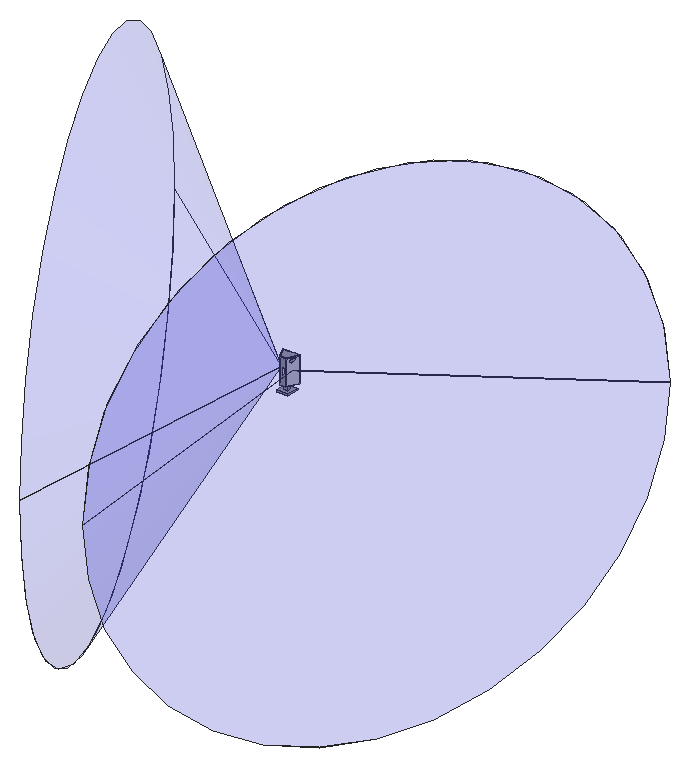
Revit family "IPDC-DSE+", category Communication Devices, Revit 2014
Parameters (values of type "IP Dual Sided LED Display with Flasher")
  Width = 9.91"
  Weight Product = 11
  Warranty = "1 Year"
  Wall Bracket [instance] = not(Ceiling Bracket)  # yes
  Voltage AC = "PoE or PoE+ and External 24VDC"
  Viewable Dimensions (HxW) = 10.125
  Vertical Symmetry = yes
  Transformer Option = yes
  Specification by User (default) = "TBD"
  Speaker Listening Height [instance] = 30.00"
  Speaker Height [instance] = 120.00"
  Speaker Dispersion = 120.00°
  Speaker Cone Visible [instance] = yes
  ScheduleType |RF| = "AtlasIED Master"
  Safety Agency Ratings = "ETL Listed to Comply with UL-60950-1, and CAN/CSA-C22.2 No. 60950-1"
  SPL Max = 93
  Recommended Signal Processing = "Built-In Processing"
  Product Page URL = "https://www.atlasied.com/Product/ProductDetails?productId=3509"
  Product Documentation Link = "https://www.atlasied.com/f/3779/ipdc-dseplus-data-sheet.pdf"
  Power Rating (RMS) = "15 Watts Max (802.3AT)"
  Pole Length [instance] = 4.21"  # constant formula
  Operation Mode = "Self Powered"
  OmniClass Title = "Audio Visual Intercoms"
  OmniClass Number = "23-37 27 15 13"
  Mounting/Rigging Provisions = "Mounting Plate provided with Various Hole Patterns"
  Mount Material = Default
  Model = "IPDC-DSE+"
  Max Input Ratings (8Ω) = "TBD"
  Max Character Height = 2.125
  MaterFormat Title = "Public Information Systems"
  MasterFormat = "27 42 19"
  Market = "Commercial, Higher Education, Emergency"
  Manufacturer URL = "WWW.ATLASIED.COM"
  Manufacturer Phone = "(800) 876 - 3333"
  Manufacturer Email = "support@atlasied.com"
  Manufacturer Address = "4545 E. Baseline Rd., Phoenix, AZ 85042"
  Manufacturer = "ATLAS SOUND"
  Loudspeaker Level = "8Ω, 9W (802.3AF), 15W (802.3AT)"
  Input Connectors = "One Unbalanced Analog, Secured Screw Terminal Block, G.711, G.722 Capable"
  Ingress Protection = "IP-XX (Not provided)"
  Impedance = 8
  IQ Category = "Audio Visual Intercoms"
  Height = 19.74"
  Grill Material = none
  Family Version [instance] = "2017-01"
  Family Code (default) = "LOUD SPEAKERS"
  Enclosure Material = none
  Dispersion Angle = 0.00°
  Description = "POE+ IP COMPLIANT IP DUAL SIDED LED DISPLAY WITH FLASHER: INDOOR DUAL SIDED DISPLAY WITH LED FLASHER"
  Depth = 7.00"
  Default Elevation = 48.00"
  Coverage Vertical = 110.00°
  Coverage Horizontal = 110.00°
  Cost MSRP = 1015.99
  Cost = 1015.99
  Communication Ports = "RJ-45 Female"
  Color = none
  Ceiling Bracket [instance] = no
  Body Material = Default
  Baffle Material = none
  70V Taps = "32.00 W"
  100V Taps = "32.00 W"
Reference planes (in)
  plane 1 "Center (Front/Back)": y = 0
  plane 2: z = 0
  plane 3 "Center (Left/Right)": x = 0
  plane 4: x = -4.955
  plane 5: x = 4.955
  plane 6: x = 3.455
  plane 7: x = -3.455
  plane 8: z = 4.21
  plane 9: y = -15.73
  plane 10: y = -7.865
Lines and regions (in)
  Masking region 1
    outline origin (-1.82508, -15.71144, 48) x (-1, 0, 0) y (0, 0, 1)
      loop
        line (-2.82508, -43.79) -> (-2.82508, -47.07) -> (-0.82508, -47.07) -> (-0.82508, -43.79) -> (-2.82508, -43.79)
  Masking region 2
    outline origin (-1.82508, -15.71144, 48) x (-1, 0, 0) y (0, 0, 1)
      loop
        line (-5.28008, -47.07) -> (-5.28008, -48) -> (1.62992, -48) -> (1.62992, -47.07) -> (-5.28008, -47.07)
Dimensions and locks (in)
  "Width": plane 4 to plane 5
  plane 7 to plane 6 = 6.91"
  "Pole Length": level to plane 8
  equal spacing: plane 9, plane 10, plane 1 "Center (Front/Back)"
  aligned and locked: plane 2 to level
  aligned and locked: level to nested 1
  aligned and locked: nested 2 to plane 8
  aligned and locked: nested 1 to plane 10
  aligned and locked: nested 3 to plane 8
  aligned and locked: nested 3 to plane 3 "Center (Left/Right)"
  aligned and locked: plane 8 to Masking region 1 sketch curve
Automatic sketch dimensions
  plane 3 "Center (Left/Right)" to Masking region 1 sketch curve = 1.00"
  Masking region 1 sketch curve to plane 3 "Center (Left/Right)" = 1.00"
  level to Masking region 1 sketch curve = 0.93"
  Masking region 2 sketch curve to level = 0.00"
  Masking region 2 sketch curve to plane 6 = 0.00"
  Masking region 2 sketch curve to plane 7 = 0.00"
  level to Masking region 2 sketch curve = 0.93"
Nested families (in)
  nested 1: "POLE" at (0, -7.865, 4.21) x (-1, 0, 0) z (0, 0, -1), Ceiling Length <- "Pole Length", type "IP Dual Sided LED Display with Flasher"
    with Ceiling Length 4.21"
  nested 2: "POLE BODY" at (0, -15.73, 10.62) x (1, 0, 0) z (0, 0, -1), Speaker Listening Height <- "Speaker Listening Height", Speaker Height <- "Speaker Height", Speaker Dispersion <- "Speaker Dispersion", Speaker Cone Visible <- "Speaker Cone Visible", visible <- "Ceiling Bracket", type "POLE BODY"
    with Weight Dimensional/Shipping 0, Speaker Listening Height 30.00", Speaker Height 120.00", Speaker Dispersion 120.00°, Speaker Cone Visible yes, Speaker Cone Height -90.00", Radius of Speaker Cone 155.88457", Flasher Type "TBD", Flasher Lumens "TBD", Family Version "1.0"
  nested 3: "POLE BODY" at (0, -11.07, 4.21) x (1, 0, 0) z (0, 1, 0), Speaker Cone Visible <- "Speaker Cone Visible", visible <- "Wall Bracket", Speaker Listening Height <- "Speaker Listening Height", Speaker Height <- "Speaker Height", Speaker Dispersion <- "Speaker Dispersion", type "POLE BODY"
    with Weight Dimensional/Shipping 0, Speaker Listening Height 30.00", Speaker Height 120.00", Speaker Dispersion 120.00°, Speaker Cone Visible yes, Speaker Cone Height -90.00", Radius of Speaker Cone 155.88457", Flasher Type "TBD", Flasher Lumens "TBD", Family Version "1.0"
Definition of nested family "POLE"
  Parameters (values of type "IP Dual Sided LED Display with Flasher")
    Model = "IPDC-DSE+"
    Manufacturer = "ATLAS SOUND"
    Description = "POE+ IP COMPLIANT IP DUAL SIDED LED DISPLAY WITH FLASHER: INDOOR DUAL SIDED DISPLAY WITH LED FLASHER"
    Default Elevation = 48.00"
    Cost = 1015.99
    Ceiling Length [instance] = 4.21"
  Reference planes (in)
    plane 1 "Center (Front/Back)": y = 0
    plane 2: z = 0
    plane 3 "Center (Left/Right)": x = 0
    plane 4: z = 4.21
    plane 5: y = 3.5
    plane 6: y = -3.5
    plane 7: x = 3.455
    plane 8: x = -3.455
    plane 9: y = -1
    plane 10: y = 1
    plane 11: z = 3.28
  Forms (in)
    Extrusion 1, solid, material "Default"
      sketch origin (-0.67926, -2.84135, 4.21) x (0, -1, 0) y (1, 0, 0)
        loop
          line (-6.34135, -2.77574) -> (0.65865, -2.77574) -> (0.65865, 4.13426) -> (-6.34135, 4.13426) -> (-6.34135, -2.77574)
      from 0 to -0.93
    Extrusion 2, solid, material "Default"
      sketch origin (0, 0, 4.21) x (0, -1, 0) y (1, 0, 0)
        loop
          line (-1, 1) -> (-1, -1) -> (1, -1) -> (1, 1) -> (-1, 1)
      from -0.93 to -4.21
  Dimensions and locks (in)
    plane 8 to plane 7 = 6.91"
    plane 6 to plane 5 = 7.00"
    "Ceiling Length": plane 4 to level
    locked: plane 4 to plane 11 at 0.93
    aligned and locked: plane 2 to level
    aligned and locked: plane 11 to Extrusion 2
  Automatic sketch dimensions
    plane 5 to Extrusion 1 sketch curve = 0.00"
    plane 6 to Extrusion 1 sketch curve = 0.00"
    Extrusion 1 sketch curve to plane 8 = 0.00"
    Extrusion 1 sketch curve to plane 7 = 0.00"
    plane 10 to Extrusion 2 sketch curve = 0.00"
    plane 9 to Extrusion 2 sketch curve = 0.00"
    Extrusion 2 sketch curve to plane 3 "Center (Left/Right)" = 1.00"
    plane 3 "Center (Left/Right)" to Extrusion 2 sketch curve = 1.00"
Definition of nested family "POLE BODY"
  Parameters (values of type "POLE BODY")
    Width = 9.91"
    Weight Product = 11
    Weight Dimensional/Shipping [instance] = 0
    Weight Dimensional = 0
    Warranty = "1 Year Warranty"
    Voltage AC = "PoE or PoE+ and External 24VDC"
    Viewable Dimensions (HxW) = 10.125
    Vertical Symmetry = yes
    Transformer Option = yes
    Sustainability Rating = "TBD"
    Specification by User (default) = "TBD"
    Specification by Manufacturer = "TBD"
    Speaker Type = ""
    Speaker Listening Height [instance] = 30.00"
    Speaker Height [instance] = 120.00"
    Speaker Dispersion [instance] = 120.00°
    Speaker Data Link = "TBD"
    Speaker Cone Visible [instance] = no
    Speaker Cone Height [instance] = -(Speaker Height - Speaker Listening Height)  # -90.00"
    Shipping Dimensions = "10.6\" (269mm) x 25.4\" (645mm) x 12.8\" (325mm)"
    Serial Number = "TBD"
    Seismic Rating = "TBD"
    ScheduleType |RF| = "AtlasIED Master"
    Safety Features = "TBD"
    Safety Agency Ratings = "ETL Listed to Comply with UL-60950-1, and CAN/CSA-C22.2 No. 60950-1"
    SPL Max = 93
    Regulatory Compliance = "TBD"
    Recommended Signal Processing = "Built-In Processing"
    Radius of Speaker Cone [instance] = (-Speaker Cone Height) * tan(Speaker Dispersion / 2)  # 155.88457"
    Product Page URL = "https://www.atlasied.com/Product/ProductDetails?productId=3509"
    Product Documentation Link = "https://www.atlasied.com/f/3779/ipdc-dseplus-data-sheet.pdf"
    Power Rating (RMS) = "15 Watts Max (802.3AT)"
    Part Number = "IPDC-DSE+"
    Outdoor/Weather Rating = "TBD"
    Operation Mode = "Self Powered"
    OmniClass Title = "Audio Visual Intercoms"
    OmniClass Number = "23-37 27 15 13"
    Number of Bands = 0
    Mounting/Rigging Provisions = "Mounting Plate provided with Various Hole Patterns"
    Mount Material = Default
    Model = "IPDC-DSE+"
    Max Input Ratings (8Ω) = "TBD"
    Max Character Height = 2.125
    MaterFormat Title = "Public Information Systems"
    MasterFormat = "27 42 19"
    Market = "Commercial, Higher Education, Emergency"
    Manufacturer URL = "WWW.ATLASIED.COM"
    Manufacturer Phone = "(800) 876 - 3333"
    Manufacturer Email = "support@atlasied.com"
    Manufacturer Address = "4545 E. Baseline Rd., Phoenix, AZ 85042"
    Manufacturer = "ATLAS SOUND"
    Loudspeaker Level = "8Ω, 9W (802.3AF), 15W (802.3AT)"
    Input Connectors = "One Unbalanced Analog, Secured Screw Terminal Block, G.711, G.722 Capable"
    Ingress Protection = "IP-XX (Not provided)"
    Impedance = 8
    IQ Category = "Audio Visual Intercoms"
    Horizontal Symmetry = yes
    Height = 19.94"
    Grill Material = none
    Flasher Type [instance] = "TBD"
    Flasher Lumens Rating = "TBD"
    Flasher Lumens [instance] = "TBD"
    Family Version [instance] = "1.0"
    Family Code (default) = "ITS Inc."
    Environmental Testing = "TBD"
    Enclosure Material = none
    Dispersion Angle = 0.00°
    Description = "POE+ IP COMPLIANT IP DUAL SIDED LED DISPLAY WITH FLASHER: INDOOR DUAL SIDED DISPLAY WITH LED FLASHER"
    Depth = 7.00"
    Default Elevation = 48.00"
    Current Draw = 0
    Coverage Vertical = 110.00°
    Coverage Horizontal = 110.00°
    Coverage = "TBD"
    Cost MSRP = 1015.99
    Cost = 1015.99
    Controls = "TBD"
    Communication Ports = "RJ-45 Female"
    Communication Formats = "TBD"
    Color = none
    Body Material = Default
    Baffle Material = none
    Azimuth = 0.00°
    70V Taps = "32.00 W"
    25V Taps = "0.00 W"
    100V Taps = "32.00 W"
  Reference planes (in)
    plane 1 "Center (Front/Back)": y = 0
    plane 2: z = 0
    plane 3 "Center (Left/Right)": x = 0
    plane 4: z = 19.94
    plane 5: x = -4.955
    plane 6: x = 4.955
    plane 7: x = 3.455
    plane 8: x = -3.455
    plane 9: z = 4.21
    plane 10: y = -15.73
    plane 11: z = 6.41
    plane 12: y = -7.80664
  Forms (in)
    Extrusion 1, solid, material "Default" <- "Body Material"
      sketch origin (0, 0, 3.27) x (1, 0, 0) y (0, 0, 1)
        loop
          line (4.955, 3.14) -> (-4.955, 3.14) -> (-1.96597, -3.27) -> (1.96597, -3.27) -> (4.955, 3.14)
      from 0 to 15.5
    Extrusion 2, solid, material "Default" <- "Body Material"
      sketch origin (0, -15.5, 3.27) x (1, 0, 0) y (0, 0, 1)
        loop
          line (1.96597, -3.27) -> (4.955, 3.14) -> (2.03062, 3.14) -> (2.03062, 3.00702) -> (-2.03062, 3.00702) -> (-2.03062, 3.14) -> (-4.955, 3.14) -> (-1.96597, -3.27) -> (1.96597, -3.27)
      from 0 to 0.23
    Extrusion 3, solid, material "QF_Metal - Stainless - Polished"
      sketch origin (4.955, 0, 6.41) x (-0.422618, 0, -0.906308) y (0, 1, 0)
        loop
          line (0.5, -0.85) -> (0.5, -14.65)
          arc (0.5, -14.65) -> (0.64645, -15.00355) -> (1, -15.15) r 0.5
          line (1, -15.15) -> (6.22265, -15.15)
          arc (6.22265, -15.15) -> (6.57621, -15.00355) -> (6.72265, -14.65) r 0.5
          line (6.72265, -14.65) -> (6.72265, -0.85)
          arc (6.72265, -0.85) -> (6.57621, -0.49645) -> (6.22265, -0.35) r 0.5
          line (6.22265, -0.35) -> (1, -0.35)
          arc (1, -0.35) -> (0.64645, -0.49645) -> (0.5, -0.85) r 0.5
        loop
          arc (5.00855, -14.52458) -> (5.84518, -13.68795) -> (5.00855, -12.85133) r 0.83663
          line (5.00855, -12.85133) -> (2.58093, -12.85133)
          arc (2.58093, -12.85133) -> (1.7443, -13.68795) -> (2.58093, -14.52458) r 0.83663
          line (2.58093, -14.52458) -> (5.00855, -14.52458)
      from 0 to 0.06
    Extrusion 4, solid, material "QF_Metal - Stainless - Polished"
      sketch origin (-4.955, 0, 6.41) x (0.422618, 0, -0.906308) y (0, -1, 0)
        loop
          arc (0.5, 0.85) -> (0.64645, 0.49645) -> (1, 0.35) r 0.5
          line (1, 0.35) -> (6.22265, 0.35)
          arc (6.22265, 0.35) -> (6.57621, 0.49645) -> (6.72265, 0.85) r 0.5
          line (6.72265, 0.85) -> (6.72265, 14.65)
          arc (6.72265, 14.65) -> (6.57621, 15.00355) -> (6.22265, 15.15) r 0.5
          line (6.22265, 15.15) -> (1, 15.15)
          arc (1, 15.15) -> (0.64645, 15.00355) -> (0.5, 14.65) r 0.5
          line (0.5, 14.65) -> (0.5, 0.85)
        loop
          line (5.00855, 14.52458) -> (2.58093, 14.52458)
          arc (2.58093, 14.52458) -> (1.7443, 13.68795) -> (2.58093, 12.85133) r 0.83663
          line (2.58093, 12.85133) -> (5.00855, 12.85133)
          arc (5.00855, 12.85133) -> (5.84518, 13.68795) -> (5.00855, 14.52458) r 0.83663
      from 0 to 0.06
    Extrusion 5, solid, material "QF_Plastic - White - Smooth"
      sketch origin (0, 4.21, 3.27) x (1, 0, 0) y (0, 0, 1)
        loop
          arc (-0.23, -3.27) -> (0, -3.5) -> (0.23, -3.27) r 0.23
          line (0.23, -3.27) -> (-0.23, -3.27)
      from 10.48114 to 13.9867
    Extrusion 6, solid, material "Default" <- "Body Material"
      sketch origin (5.705, 0, 6.41) x (-1, 0, 0) y (0, -1, 0)
        loop
          circle (5.705, 7.80664) r 1
      from 0 to 0.06
    Blend 7, solid, material "Glass", visible <- "Speaker Cone Visible"
      base sketch origin (-3.42879, -7.90185, 3.13703) x (0.422618, 0, -0.906308) y (0, 1, 0)
        loop
          circle (0, 0.09521) r 155.88457
      top sketch origin (-3.42879, -7.90185, 3.13703) x (0.422618, 0, -0.906308) y (0, 1, 0)
        loop
          circle (0, 0.09521) r 0.13513
      from -90 <- "Speaker Cone Height" to 0
    Blend 8, solid, material "Glass", visible <- "Speaker Cone Visible"
      base sketch origin (3.42879, -7.90185, 3.13703) x (-0.422618, 0, -0.906308) y (0, -1, 0)
        loop
          circle (0, -0.09521) r 155.88457
      top sketch origin (3.42879, -7.90185, 3.13703) x (-0.422618, 0, -0.906308) y (0, -1, 0)
        loop
          circle (0, -0.09521) r 0.13513
      from -90 <- "Speaker Cone Height" to 0
  Lines and regions (in)
    Split face 1
      outline origin (5.00938, 0, 6.38464) x (-0.422618, 0, -0.906308) y (0, 1, 0)
        loop
          line (5.10629, -12.01962) -> (5.10629, -1.51962) -> (2.35629, -1.51962) -> (2.35629, -12.01962) -> (5.10629, -12.01962)
    Split face 2
      outline origin (5.00938, 0, 6.38464) x (-0.422618, 0, -0.906308) y (0, 1, 0)
        loop
          line (4.85629, -11.76962) -> (4.85629, -1.76962) -> (2.60629, -1.76962) -> (2.60629, -11.76962) -> (4.85629, -11.76962)
    Split face 3
      outline origin (-5.00938, 0, 6.38464) x (0.422618, 0, -0.906308) y (0, -1, 0)
        loop
          line (5.10629, 12.01962) -> (2.35629, 12.01962) -> (2.35629, 1.51962) -> (5.10629, 1.51962) -> (5.10629, 12.01962)
    Split face 4
      outline origin (-5.00938, 0, 6.38464) x (0.422618, 0, -0.906308) y (0, -1, 0)
        loop
          line (4.85629, 11.76962) -> (2.60629, 11.76962) -> (2.60629, 1.76962) -> (4.85629, 1.76962) -> (4.85629, 11.76962)
    symbolic lines
      curve 1: line (-4.955, 0, 0) -> (4.955, 0, 0)
      curve 2: line (-4.955, -15.73, 0) -> (-4.955, 0, 0)
      curve 3: line (4.955, -15.73, 0) -> (-4.955, -15.73, 0)
      curve 4: line (4.955, 0, 0) -> (4.955, -15.73, 0)
    symbolic lines, style "Sound Projection Average"
      curve 5: spline (-150.87616, -7.80664, 0) -> (-149.36908, 25.34556, 0) -> (-144.91679, 56.98096, 0) -> (-137.72301, 85.65217, 0) -> (-128.11686, 110.04741, 0) -> (-116.53784, 129.05053, 0) -> (-103.51573, 141.79211, 0) -> (-89.64632, 147.68917, 0) -> (-75.56416, 146.47191, 0) -> (-61.91356, 138.19603, 0) -> (-49.31906, 123.24017, 0) -> (-38.35689, 102.2886, 0) -> (-29.5286, 76.29989, 0)
      curve 6: spline (-29.96946, -93.51923, 0) -> (-38.88383, -119.1377, 0) -> (-49.88793, -139.71085, 0) -> (-62.48308, -154.30637, 0) -> (-76.09849, -162.26282, 0) -> (-90.11715, -163.21961, 0) -> (-103.90374, -157.13339, 0) -> (-116.8335, -144.27998, 0) -> (-128.32046, -125.24187, 0) -> (-137.84407, -100.88182, 0) -> (-144.97273, -72.30379, 0) -> (-149.38339, -40.80288, 0) -> (-150.87616, -7.80664, 0)
      curve 7: line (-4.955, -2.75, 0) -> (-29.80659, 78.5359, 0)
      curve 8: line (-4.955, -12.86328, 0) -> (-29.80659, -94.14919, 0)
      curve 9: spline (150.87616, -7.80664, 0) -> (149.36908, 25.34556, 0) -> (144.91679, 56.98096, 0) -> (137.72301, 85.65217, 0) -> (128.11686, 110.04741, 0) -> (116.53784, 129.05053, 0) -> (103.51573, 141.79211, 0) -> (89.64632, 147.68917, 0) -> (75.56416, 146.47191, 0) -> (61.91356, 138.19603, 0) -> (49.31906, 123.24017, 0) -> (38.35689, 102.2886, 0) -> (29.5286, 76.29989, 0)
      curve 10: spline (29.96946, -93.51923, 0) -> (38.88383, -119.1377, 0) -> (49.88793, -139.71085, 0) -> (62.48308, -154.30637, 0) -> (76.09849, -162.26282, 0) -> (90.11715, -163.21961, 0) -> (103.90374, -157.13339, 0) -> (116.8335, -144.27998, 0) -> (128.32046, -125.24187, 0) -> (137.84407, -100.88182, 0) -> (144.97273, -72.30379, 0) -> (149.38339, -40.80288, 0) -> (150.87616, -7.80664, 0)
  Dimensions and locks (in)
    "Height": plane 4 to plane 2
    "Width": plane 5 to plane 6
    plane 8 to plane 7 = 6.91"
    locked: plane 11 to plane 2 at 6.41
    locked: plane 10 to plane 1 "Center (Front/Back)" at 15.73
    "Radius of Speaker Cone": radius of Blend 7 sketch curve
    "Radius of Speaker Cone": radius of Blend 8 sketch curve
    aligned and locked: plane 2 to level
  Automatic sketch dimensions
    curve 5 to plane 12 = 0.00"
    curve 3 to plane 5 = 0.00"
    plane 1 "Center (Front/Back)" to curve 4 = 0.00"
    curve 4 to plane 6 = 0.00"
    plane 12 to curve 9 = 0.00"
    plane 10 to curve 2 = 0.00"
    curve 5 to plane 5 = 24.5736"
    curve 7 to curve 5 = 0.27799"
    curve 8 to plane 5 = 24.85159"
    curve 6 to curve 8 = 0.16287"
    curve 5 to curve 7 = 80.04149"
    curve 6 to plane 5 = 80.04149"
    curve 6 to curve 6 = 65.87967"
    plane 6 to curve 9 = 24.5736"
    plane 6 to curve 10 = 25.01446"
    curve 1 to curve 9 = 80.04149"
    curve 10 to curve 9 = 0.00"
    curve 10 to curve 9 = 65.87967"
    curve 6 to curve 2 = 77.78923"
    curve 6 to curve 10 = 0.00"
    curve 8 to curve 6 = 0.62995"
    curve 5 to curve 8 = 69.54203"
    curve 9 to curve 10 = 70.17198"
    curve 8 to plane 10 = 2.86672"
    plane 1 "Center (Front/Back)" to curve 7 = 2.75"
    curve 5 to curve 7 = 2.23601"
    Extrusion 1 sketch curve to plane 5 = 0.00"
    Extrusion 1 sketch curve to level = 0.00"
    Extrusion 1 sketch curve to plane 6 = 0.00"
    Extrusion 1 sketch curve to plane 11 = 0.00"
    plane 8 to Extrusion 1 sketch curve = 1.48903"
    Extrusion 1 sketch curve to plane 7 = 1.48903"
    Extrusion 2 sketch curve to Extrusion 1 = 0.00"  (x6)
    Extrusion 1 to Extrusion 2 sketch curve = 0.00"
    Extrusion 2 sketch curve to Extrusion 2 sketch curve = 2.92438"  (x2)
    Extrusion 2 sketch curve to Extrusion 1 = 0.13298"
    Extrusion 3 sketch curve to Extrusion 1 = 0.50"
    Extrusion 1 to Extrusion 3 sketch curve = 0.35"  (x2)
    Extrusion 3 sketch curve to Extrusion 3 sketch curve = 0.50"  (x2)
    Extrusion 3 sketch curve to Extrusion 3 sketch curve = 1.58093"
    Extrusion 1 to Extrusion 3 sketch curve = 0.97542"
    Extrusion 1 to Extrusion 3 sketch curve = 2.0641"
    Extrusion 1 to Extrusion 3 sketch curve = 0.85"  (x3)
    Extrusion 3 sketch curve to Extrusion 3 sketch curve = 0.83663"
    Split face 1 sketch curve to Extrusion 3 = 0.83171"
    Split face 1 sketch curve to Extrusion 3 = 1.85629"
    Split face 1 sketch curve to Extrusion 3 = 1.61636"
    Split face 1 sketch curve to Extrusion 3 = 1.16962"
    Split face 2 sketch curve to Extrusion 3 = 2.10629"
    Split face 2 sketch curve to Extrusion 3 = 1.86636"
    Split face 2 sketch curve to Extrusion 3 = 1.08171"
    Split face 2 sketch curve to Extrusion 3 = 1.41962"
    plane 1 "Center (Front/Back)" to Extrusion 4 sketch curve = 0.85"  (x2)
    plane 1 "Center (Front/Back)" to Extrusion 4 sketch curve = 0.35"
    Extrusion 4 sketch curve to Extrusion 4 sketch curve = 0.50"
    Extrusion 4 sketch curve to Extrusion 4 sketch curve = 1.58093"
    Extrusion 4 sketch curve to plane 10 = 1.20542"
    Extrusion 4 sketch curve to Extrusion 4 sketch curve = 2.42763"
    Extrusion 4 sketch curve to Extrusion 4 sketch curve = 1.2141"
    Extrusion 4 sketch curve to Extrusion 4 sketch curve = 5.22265"
    Extrusion 4 sketch curve to Extrusion 4 sketch curve = 1.67325"
    Extrusion 4 sketch curve to plane 10 = 1.08"
    Split face 3 sketch curve to Extrusion 4 = 0.83171"
    Split face 3 sketch curve to Extrusion 4 = 1.85629"
    Split face 3 sketch curve to Extrusion 4 = 1.61636"
    Split face 3 sketch curve to Extrusion 4 = 1.16962"
    Split face 4 sketch curve to Extrusion 4 = 2.10629"
    Split face 4 sketch curve to Extrusion 4 = 1.86636"
    Split face 4 sketch curve to Extrusion 4 = 1.41962"
    Split face 4 sketch curve to Extrusion 4 = 1.08171"
    Extrusion 5 sketch curve to level = 0.00"
    Extrusion 5 sketch curve to plane 3 "Center (Left/Right)" = 0.00"
    Extrusion 5 sketch curve to plane 3 "Center (Left/Right)" = 0.23"
    Extrusion 1 to Extrusion 6 sketch curve = 4.955"
    Extrusion 1 to Extrusion 6 sketch curve = 7.69336"
    plane 12 to Blend 7 sketch curve = 0.00"  (x2)
    plane 12 to Blend 8 sketch curve = 0.00"  (x2)
    radius of Extrusion 6 sketch curve = 1.00"
    radius of Blend 7 sketch curve = 0.13513"
    radius of Blend 8 sketch curve = 0.13513"
  Nested families (in)
    nested 1: "Speaker Annotation" at (0, 0, 0), Speaker Type <- "Speaker Type", type "Data Annotation"
      with Speaker Type ""
  Definition of nested family "Speaker Annotation"
    Parameters (values of type "Data Annotation")
      Speaker Type [instance] = ""
    Reference planes (in)
      plane 1: y = 0
      plane 2: x = 0
    Lines and regions (in)
      detail lines, style "Data Device"
        curve 1: circle (-0.00295, 0.00032, 0) r 0.09489 normal (0, 0, 1)
    Text (in)
      label "S1" at (0.00193, -0.00496, 0), shows "Speaker Type"
